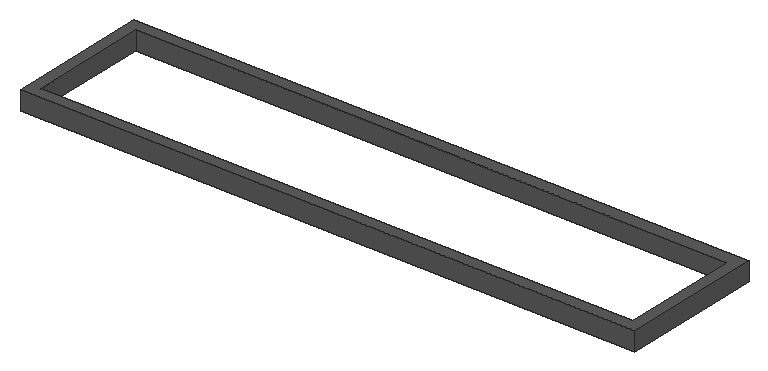
Revit family "FU_Frame_LAP0025", category Furniture, Revit 2022
Family settings
  OmniClass Number = 23.40.20.00
  OmniClass Title = General Furniture and Specialties
  Work Plane-Based = No
  Always vertical = Yes
  Cut with Voids When Loaded = No
  Render Appearance Source = Family Geometry
  Shared = No
  Room Calculation Point = No
Parameters (values of type "LAP0025")
  Width = 1650 mm
  URL = "https://www.sandlerseating.com/product/lapse-0025-2/"
  Model = "LAP0025"
  Manufacturer = "Sandler"
  Height = 50 mm
  Frame [instance] = Epoxy - M1_B00 - Black
  Description = "2.5-seat frame in the Lapse modular seating range that can be customized with a variety of modular elements and epoxy finishes."
  Depth = 380 mm
  Default Elevation = 0 mm
Reference planes
  plane 1 "Center (Front/Back)": y = 0
  plane 2: z = 0
  plane 3 "Center (Left/Right)": x = 0
  plane 4 "Right": x = -825
  plane 5 "Left": x = 825
  plane 6 "Back": y = 190
  plane 7 "Front": y = -190
  plane 8 "Height": z = 333
  plane 9 "Frame Base": z = 283
  plane 10 "Frame Inner Right": x = -795
  plane 11 "Frame Inner Back": y = 160
  plane 12 "Frame Inner Left": x = 795
  plane 13 "Frame Inner Front": y = -160
Forms (mm)
  Extrusion 1, solid, material "Epoxy - M1_B00 - Black" <- "Frame"
    sketch origin (0, 0, 283) x (-1, 0, 0) y (0, -1, 0)
      loop
        line (825, -190) -> (825, 190) -> (-825, 190) -> (-825, -190) -> (825, -190)
      loop
        line (795, -160) -> (795, 160) -> (-795, 160) -> (-795, -160) -> (795, -160)
    from 0 to 50
Dimensions and locks
  equal spacing: plane 4 "Right", plane 3 "Center (Left/Right)", plane 5 "Left"
  "Width": plane 4 "Right" to plane 5 "Left"
  equal spacing: plane 6 "Back", plane 1 "Center (Front/Back)", plane 7 "Front"
  "Depth": plane 6 "Back" to plane 7 "Front"
  plane 8 "Height" to level = 333 mm
  "Height": plane 8 "Height" to plane 9 "Frame Base"
  locked: plane 13 "Frame Inner Front" to plane 7 "Front" at 30
  locked: plane 4 "Right" to plane 10 "Frame Inner Right" at 30
  locked: plane 12 "Frame Inner Left" to plane 5 "Left" at 30
  locked: plane 6 "Back" to plane 11 "Frame Inner Back" at 30
  aligned and locked: Extrusion 1 sketch curve to plane 6 "Back"
  aligned and locked: Extrusion 1 sketch curve to plane 4 "Right"
  aligned and locked: plane 7 "Front" to Extrusion 1 sketch curve
  aligned and locked: plane 5 "Left" to Extrusion 1 sketch curve
  aligned and locked: Extrusion 1 sketch curve to plane 11 "Frame Inner Back"
  aligned and locked: plane 10 "Frame Inner Right" to Extrusion 1 sketch curve
  aligned and locked: Extrusion 1 sketch curve to plane 13 "Frame Inner Front"
  aligned and locked: plane 12 "Frame Inner Left" to Extrusion 1 sketch curve
  aligned and locked: plane 8 "Height" to Extrusion 1
  aligned and locked: Extrusion 1 to plane 8 "Height"  (x3)
  aligned and locked: Extrusion 1 to plane 9 "Frame Base"
  aligned and locked: plane 9 "Frame Base" to Extrusion 1  (x2)
